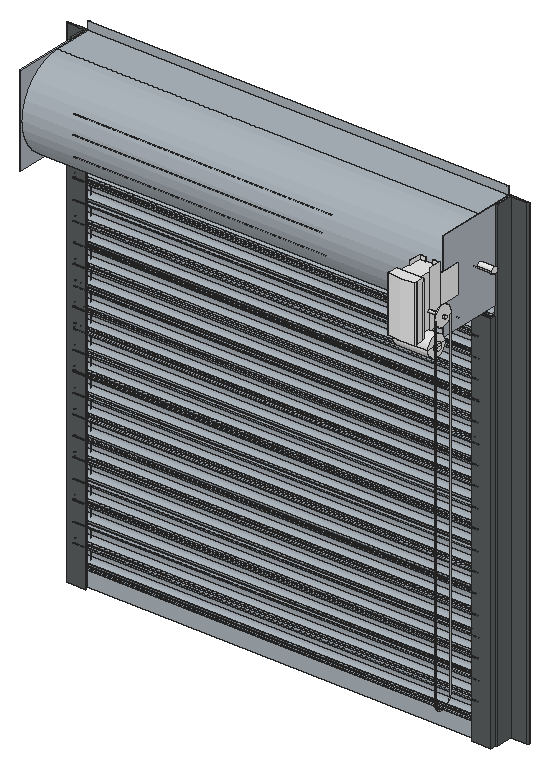
Revit family "Doors_Industrial_Wayne-Dalton_Fire-Rated-Shelter-Door-800FR_", category Specialty Equipment, host Wall, Revit 2019
Family settings
  Host = Wall
  Round Connector Dimension = Use Diameter
  Part Type = Normal
  OmniClass Number = 23.30.10.21.34
  OmniClass Title = Industrial Doors
  Always vertical = Yes
  Cut with Voids When Loaded = Yes
  Shared = No
  Room Calculation Point = No
Parameters (values of type "115 volts, one phase, 60 Hz (110-120V range)")
  Warning Sign [instance] = if(Calculated Area > 683.00 SF, 1 = 1, 1 = 2)  # no
  Warning (Note) [instance] = if(Warning Sign, "The Door Area is out of the limit; please adjust accordingly. The maximum allowed area is 683 sq. ft.", if(Opening Height > 360", "Headroom Clearance Dimensions - out of the limits. Consult Factory", " "))  # " "
  Wall Thickness [instance] = 6"
  Voltage = 115 V
  True Opening Width [instance] = Clear Width  # 120"
  True Opening Height [instance] = Clear Height  # 120"
  Slat Type [instance] = "6” Curved Slat"  # constant formula
  Slat Material [instance] = Steel - Wayne Dalton - Gray
  Slat Length [instance] = Clear Width + G Value * 2 - 1" / 2 * 2  # 131"
  Slat Height [instance] = 17 251/256"  # constant formula
  Slat [instance] = 1  # constant formula
  Product Page URL = "https://www.wayne-dalton.com/commercial/detail/rolling-storm-shelter-doors"
  Power Factor = 1
  Powder Coat (Note) = "Wayne Dalton also offers approximately 200 RAL powder coat options to complement the exterior colors of a building."  # constant formula
  Opening Width Real [instance] = if(Opening Width > Max Opening Width, Max Opening Width, if(Opening Width < Min Opening Width, Min Opening Width, Opening Width))  # 120"
  Opening Width [instance] = 120"
  Opening Height Real [instance] = if(Opening Height > Max Opening Height, Max Opening Height, if(Opening Height < Min Opening Height, Min Opening Height, Opening Height))  # 120"
  Opening Height [instance] = 120"
  One Array element [instance] = not(Array Vis)  # no
  Number of Poles = 1
  Motor Type [instance] = if(Motor Option < 2, "GCL-H Front of Hood", if(Motor Option = 2, "GCL-H Top of Hood", if(Motor Option = 3, "GCL-H Wall Mount", "GCL-H Bench Mount")))  # "GCL-H Front of Hood"
  Motor Selection (Note) [instance] = "Generic operator shown. Contact Wayne Dalton when dimensions are critical."  # constant formula
  Motor Position [instance] = M Value - G Value  # 6"
  Motor Option Real [instance] = if(Motor Option < 1, 1, if(Motor Option > 4, 4, Motor Option))  # 1
  Motor Option [instance] = 1
  Min Opening Width [instance] = 60"  # constant formula
  Min Opening Height [instance] = 60"  # constant formula
  Max Opening Width [instance] = 132"  # constant formula
  Max Opening Height [instance] = 132"  # constant formula
  M Value [instance] = if(Guide Option < 2, 12", 6 1/2")  # 12"
  Lookup BD [instance] = if(True Opening Height = 60", 20", if(or(True Opening Height = 84", True Opening Height < 84"), 22", if(or(True Opening Height = 108", True Opening Height < 108"), 24", if(or(True Opening Height = 132", True Opening Height < 132"), 26", if(or(True Opening Height = 156", True Opening Height < 156"), 28", if(or(True Opening Height = 180", True Opening Height < 180"), 30", 32"))))))  # 26"
  Jambs Offset [instance] = 0"  # constant formula
  Installation Real [instance] = Wall Thickness  # 6"
  Hood Type [instance] = "Round Hood"  # constant formula
  Hood Offset [instance] = 3"  # constant formula
  Hood Material [instance] = Metal - Wayne Dalton - Gray
  Hood Height [instance] = Headroom Height Real - Hood Offset  # 28"
  Lookup HH [instance] = if(True Opening Height = 60", 22", if(or(True Opening Height = 84", True Opening Height < 84"), 24", if(or(True Opening Height = 108", True Opening Height < 108"), 26", if(or(True Opening Height = 132", True Opening Height < 132"), 28", if(or(True Opening Height = 156", True Opening Height < 156"), 30", if(or(True Opening Height = 180", True Opening Height < 180"), 32", 34"))))))  # 28"
  Headroom Height Real [instance] = Lookup HH + 3"  # 31"
  Headroom Height [instance] = Headroom Height Real + 2 5/8"  # 33 5/8"
  Guide Type [instance] = if(Guide Option < 2, "Angled Z Guide", "Angled E Guide")  # "Angled Z Guide"
  Guide Option [instance] = 1
  Guid Depth [instance] = D Value  # 7 3/4"
  G Value [instance] = 6"  # constant formula
  Frequency = 60 Hz
  Face of Wall Offset [instance] = 5"  # constant formula
  Face Of Wall Mounting [instance] = 1 = 1  # yes
  Door Width True [instance] = Clear Width + M Value * 2  # 144"
  Door Width (Real) [instance] = Clear Width + 1" / 2  # 120 1/2"
  Door Height True [instance] = Clear Width + Headroom Height  # 153 5/8"
  Door Height (Real) [instance] = Clear Height + Hood Offset  # 123"
  URL = "https://www.wayne-dalton.com/"
  Product data url = "https://www.bimobject.com/wayne-dalton/product/Rolling-Steel-Storm-Shelter-Doors-800F-800FR-800FE"
  Product Guid = "a04ebdf7-09ea-4b46-b3cc-19d8dcdac487"
  Model = "800FR"  # constant formula
  Manufacturer = "Wayne Dalton"  # constant formula
  Wall Closure = By host
  Floor To (CL) of Shaft [instance] = Clear Height + Hood Height / 2 + Hood Offset  # 137"
  Finish Material = Finish - Wayne Dalton - Black
  Description = "Model 800FR Rolling Steel Storm Shelter Door Tested +/-300PSF (ICC-500/FEMA 361), Tornado +/- 250PSF (ICC-500/FEMA 361), Hurricane+/-200PSF (ICC-500/FEMA 361) Warnock Hersey fire rated to 4 hours UL10B NFPA 252 and CAN/ULC S104"  # constant formula
  D Value [instance] = 7 3/4"  # constant formula
  Clear Width [instance] = Opening Width Real  # 120"
  Clear Height [instance] = Opening Height Real  # 120"
  Current = 20 A
  Connector Array Distance = 0"  # constant formula
  Bar [instance] = 1 = 1  # yes
  Backroom Depth [instance] = Lookup BD  # 26"
  BJ Opening Cut [instance] = 0"  # constant formula
  BJ Displacement Real [instance] = 0"  # constant formula
  Array Vis [instance] = if(Array < 2, 1 = 2, 1 = 1)  # yes
  Array Real [instance] = if(Array < 2, 2, Array)  # 7
  Array Length [instance] = (Array) * Slat Height  # 125 221/256"
  Array [instance] = rounddown(([Door Height (Real)] - 5 11/256") / Slat Height) + 1  # 7
  Calculated Area [instance] = [Door Width (Real)] * [Door Height (Real)]  # 102.927 SF
  Apparent Load Phase 3 = if(Number of Poles = 1, 0 VA, (Voltage * Current * sqrt(3)) / 3)  # 0 VA
  Apparent Load Phase 2 = if(Number of Poles = 1, 0 VA, (Voltage * Current * sqrt(3)) / 3)  # 0 VA
  Apparent Load Phase 1 = if(Number of Poles = 1, Voltage * Current, (Voltage * Current * sqrt(3)) / 3)  # 2300 VA
Reference planes (in)
  plane 1 "Center (Front/Back)": y = -14.625
  plane 2 "Center (Left/Right)": x = 0
  plane 3 "Left": x = -60
  plane 4 "Right": x = 60
  plane 5 "Exterior": y = -8.625
  plane 6 "Interior": y = -14.625
  plane 7: x = 72
  plane 8: x = -72
  plane 9: z = 120
  plane 10 "Main": y = -21.73437
  plane 11 "Backroom Depth": y = -32.125
  plane 12 "Main Door Block": y = -6.125
  plane 13 "Bottom Bar": z = 5.04124
  plane 14: y = -22.375
  plane 15: z = 130.90452
  plane 16: z = 151
  plane 17: z = 123
  plane 18: z = 153.625
  plane 19: z = 0
  plane 20: z = 60
  plane 21: y = -20.90625
  plane 22: y = 18.375
  plane 23: y = -41.625
  plane 24 "Headroom Top": z = 153.625
  plane 25: z = 137
  plane 26: x = 66
  plane 27: x = -66
  plane 28: z = 112.92405
Forms (in)
  Extrusion 1, void
    sketch origin (0, -6.125, 0) x (0, 0, -1) y (-1, 0, 0)
      loop
        line (-120, 60) -> (-120, -60) -> (0, -60) -> (0, 60) -> (-120, 60)
    from -8.5 to -2.5
  Extrusion 2, solid, material "Metal - Wayne Dalton - Gray" <- "Hood Material", visible <- "Bar"
    sketch origin (0, 0, 0) x (0, 1, 0) y (0, 0, 1)
      loop
        line (-14.875, 151) -> (-14.625, 151) -> (-14.625, 153.625) -> (-14.875, 153.625) -> (-14.875, 151)
    from -65.625 to 65.625
Lines and regions (in)
  symbolic lines, visible <- "Bar"
    curve 1: line (65.625, -14.625, 0) -> (-65.625, -14.625, 0)
    curve 2: line (-65.625, -14.875, 0) -> (65.625, -14.875, 0)
Text (in)
  text "Exterior" at (-74.96733, 27.31104, 0), in view "Ref. Level"
  text "Interior" at (-74.96733, -25.14366, 0), in view "Ref. Level"
  text "Exterior" at (0, 40.15149, 123.01588), in view "Right"
  text "Interior" at (0, -64.39139, 123.01588), in view "Right"
  text "Interior" at (0, -31.01599, 123.00693), in view "Left"
  text "Exterior" at (0, 54.57065, 123.00693), in view "Left"
Dimensions and locks (in)
  equal spacing: plane 3 "Left", plane 2 "Center (Left/Right)", plane 4 "Right"
  "Clear Width": plane 3 "Left" to plane 4 "Right"
  level to host wall = 459.59655"
  "Clear Height": level to plane 9
  plane 7 to plane 8 = 144"
  equal spacing: plane 7, plane 2 "Center (Left/Right)", plane 8
  locked: plane 13 "Bottom Bar" to level at 5.04124
  "Door Width True": plane 7 to plane 8
  locked: plane 14 to plane 10 "Main" at 0.64063
  "Array Length": plane 15 to plane 13 "Bottom Bar"
  "Backroom Depth": plane 11 "Backroom Depth" to plane 12 "Main Door Block"
  "Hood Height": plane 16 to plane 17
  locked: plane 18 to plane 16 at 2.625
  locked: Extrusion 2 sketch curve to Extrusion 2 sketch curve at 0.25
  "Installation Real": plane 1 "Center (Front/Back)" to plane 5 "Exterior"
  "Wall Thickness": host wall to host wall
  equal spacing: plane 9, plane 20, plane 19
  locked: plane 10 "Main" to plane 21 at 0.82812
  equal spacing: plane 22, host wall, plane 23
  locked: plane 22 to plane 23 at 60
  "BJ Opening Cut": Extrusion 1 sketch curve to plane 9
  locked: Extrusion 2 sketch curve to Extrusion 2 sketch curve at 2.625
  "Hood Offset": plane 17 to plane 9
  "Headroom Height": plane 24 "Headroom Top" to plane 9
  "Floor To (CL) of Shaft": plane 25 to level
  "Jambs Offset": plane 4 "Right" to Extrusion 1 sketch curve
  "Jambs Offset": Extrusion 1 sketch curve to plane 3 "Left"
  "Motor Position": plane 7 to plane 26
  "Motor Position": plane 27 to plane 8
  locked: plane 27 to Extrusion 2 at 0.375
  locked: Extrusion 2 to plane 26 at 0.375
  "Guid Depth": plane 14 to plane 1 "Center (Front/Back)"
  "Slat Height": plane 15 to plane 28
  equal spacing: group 1, group 3, group 4, group 5, group 6, group 7, group 2  (x3)
  aligned and locked: plane 5 "Exterior" to host wall
  aligned and locked: host wall to plane 6 "Interior"
  aligned and locked: level to Extrusion 1 sketch curve
  aligned and locked: Extrusion 1 to plane 5 "Exterior"
  aligned and locked: plane 6 "Interior" to Extrusion 1
  aligned and locked: nested 1 to plane 2 "Center (Left/Right)"
  aligned and locked: plane 16 to nested 2
  aligned and locked: nested 1 to level
  aligned and locked: Extrusion 2 sketch curve to plane 18
  aligned and locked: Extrusion 2 sketch curve to plane 6 "Interior"
  aligned and locked: curve 1 to Extrusion 2  (x2)
  aligned and locked: curve 2 to Extrusion 2  (x2)
  aligned and locked: Extrusion 2 to curve 2
  aligned and locked: nested 2 to plane 5 "Exterior"
  aligned and locked: level to plane 19
  aligned and locked: nested 1 to plane 1 "Center (Front/Back)"
  aligned and locked: plane 2 "Center (Left/Right)" to nested 3
  aligned and locked: nested 3 to plane 22
  aligned and locked: plane 23 to nested 4
  aligned and locked: nested 4 to plane 2 "Center (Left/Right)"
  aligned and locked: nested 5 to plane 20
  aligned and locked: plane 2 "Center (Left/Right)" to nested 5
  aligned and locked: nested 2 to plane 26
  aligned and locked: plane 13 "Bottom Bar" to nested 6
  aligned and locked: plane 28 to nested 8
  aligned and locked: nested 8 to plane 21
  aligned and locked: plane 21 to nested 6
  aligned and locked: plane 13 "Bottom Bar" to nested 7
  aligned and locked: plane 21 to nested 7
  aligned and locked: nested 5 to plane 21
Automatic sketch dimensions
  curve 1 to curve 2 = 0"
Nested families (in)
  nested 1: "Lifts" at (0, -14.625, 0), type "Frame Unit"
    with Round Hood yes
  nested 2: "Motor" at (63.5005, -48.245, 125), type "Trolley Motor"
    with Top + Bench no, Not Bench + Top yes, Horizontal Mount 7.62", Vertical Mount 26", Motor Option 1, Hood Mount 4 3/4", Top Option Offset 0", Face+Top yes, Face Mount RSX yes, Chain V Offset 8.4", Chain H Offset 1.1", Bench Mount RSX no, Angle 180.00°
  nested 3: "Label Annotation 1" at (0, 18.375, 0), visible <- "Warning Sign", type "Label Annotation 1"
  nested 4: "Label Annotation 1" at (0, -41.625, 0) x (-1, 0, 0) z (0, 0, 1), visible <- "Warning Sign", type "Label Annotation 1"
  nested 5: "Warning Sign" at (0, -20.90625, 60), visible <- "Warning Sign", type "Warning Sign"
    with Warning Sign no
  nested 6: "610F" at (0, -20.90625, 5.04124), Opening Width <- "Slat Length", visible <- "Array Vis", type "Standard - Gray"
    with Slat Width 1.438", Slat Position 17.979", Opening Width 131"
  nested 7: "610F" at (0, -20.90625, 5.04124), visible <- "One Array element", Opening Width <- "Slat Length", type "Standard - Gray"
    with Slat Width 1.438", Slat Position 17.979", Opening Width 131"
  nested 8: "610F" at (0, -20.90625, 112.92405), Opening Width <- "Slat Length", visible <- "Array Vis", type "Standard - Gray"
    with Slat Width 1.438", Slat Position 17.979", Opening Width 131"
  nested 9: "610F" at (0, -20.90625, 23.02171), Opening Width <- "Slat Length", visible <- "Array Vis", type "Standard - Gray"
    with Slat Width 1.438", Slat Position 17.979", Opening Width 131"
  nested 10: "610F" at (0, -20.90625, 41.00218), Opening Width <- "Slat Length", visible <- "Array Vis", type "Standard - Gray"
    with Slat Width 1.438", Slat Position 17.979", Opening Width 131"
  nested 11: "610F" at (0, -20.90625, 58.98265), Opening Width <- "Slat Length", visible <- "Array Vis", type "Standard - Gray"
    with Slat Width 1.438", Slat Position 17.979", Opening Width 131"
  nested 12: "610F" at (0, -20.90625, 76.96311), Opening Width <- "Slat Length", visible <- "Array Vis", type "Standard - Gray"
    with Slat Width 1.438", Slat Position 17.979", Opening Width 131"
  nested 13: "610F" at (0, -20.90625, 94.94358), Opening Width <- "Slat Length", visible <- "Array Vis", type "Standard - Gray"
    with Slat Width 1.438", Slat Position 17.979", Opening Width 131"
Connectors (in)
  electrical at (66.4885, -46.74464, 135.37875), driven by "Apparent Load Phase 1", driven by "Power Factor", driven by "Voltage", driven by "Apparent Load Phase 2", driven by "Apparent Load Phase 3", driven by "Number of Poles"
    settings: on nested 2, index 1, voltage 115 V, apparent load 0 VA, apparent load phase1 2300 VA, apparent load phase2 0 VA, apparent load phase3 0 VA, power factor 1, load classification "Other", number of poles 1, system type 31, power factor state 1, is connector primary yes, connector utility no, sub classification motor no, connector description "Electrical Connector"
Definition of nested family "Lifts"
  Parameters (values of type "Frame Unit")
    Void Height = if(Guide Option < 2, 0", Headroom Height Real)  # 0"
    True Width = Opening Width + 1/2"  # 120 1/2"
    Rounding 2 = Guide Thickness 2 - 0.031"  # 0.469"
    Rounding 1 = Guide Thickness 1 - 0.031"  # 0.344"
    Round Hood [instance] = 1 = 1  # yes
    Rough Width = 0"
    Rough Height = 0"
    Main Bracket Profile Height = 5" + 1 3/4"  # 6 3/4"
    M Value = 12"
    Inner Profile Height = 4"  # constant formula
    Hood Offset = 3"
    Hood Height = Headroom Height Real - Hood Offset  # 28"
    Headroom Height Real = Headroom Height  # 31"
    Half Hood Height = Headroom Height - Hood Offset  # 28"
    Guide Thickness 2 = 1/2"  # constant formula
    Guide Thickness 1 = 3/8"  # constant formula
    G Value = 6"
    E Guide Width = if(Guide Option < 2, 6", 6")  # 6"
    E Guide Height = 6"  # constant formula
    Z Guide = if(Guide Option < 2, 1 = 1, 1 = 2)  # yes
    Slat Material = none
    Shaft Offset = (Header Width - (Header Width - Hood Height)) / 2  # 14"
    Shaft Material = none
    Shaft Length 2 = G Value + 4 3/4"  # 10 3/4"
    Shaft Length 1 = G Value + 4 3/4"  # 10 3/4"
    Setback = 1/4"  # constant formula
    Radius Hood = Shaft Offset  # 14"
    Opening Width = 120"
    Hood Material = none
    Headroom Height = 31"
    Header Width = 26"
    Opening Height = 120"
    Guide Type = if(Guide Option = 1, "Angled Z Guide", "Angled E Guide")  # "Angled Z Guide"
    Guide Option = 1
    Guide Offset = BJ Displacement + G Value  # 6"
    Guide Z Wide = if(Guide Option < 2, M Value - G Value, 6")  # 6"
    Guide Z Height = 6"  # constant formula
    Floor To (CL) of Shaft = 137"
    Finish Material = none
    Face to Wall Mount = not(Between Jambs)  # yes
    E Guide = not(Z Guide)  # no
    D Value = 7 3/4"
    Between Jambs = 1 = 2  # no
    BJ Position = 0"  # constant formula
    BJ Displacement = if(Guide Option < 2, 0", Guide Thickness 2)  # 0"
    BJ Connection Length = 1 / 3 * BJ Displacement  # 0"
    Angled Guide = 1 = 1  # yes
  Reference planes (in)
    plane 1 "Center (Front/Back)": y = 0
    plane 2: z = 0
    plane 3 "Center (Left/Right)": x = 0
    plane 4 "Opening Height": z = 120
    plane 5: x = -70.75
    plane 6: x = 70.75
    plane 7: z = 151
    plane 8: y = 26
    plane 9 "Real Opening 2": x = -60
    plane 10 "Real Opening 1": x = 60
    plane 11: z = 123
    plane 12 "Main": y = 0
    plane 13: z = 137
    plane 14: y = 12
    plane 15: x = 66
    plane 16: x = -66
    plane 17: x = -66
    plane 18: x = 66
    plane 19: y = 7.75
    plane 20: x = -65.625
    plane 21: x = 65.625
    plane 22: z = 153.625
    plane 23: y = 7.75
    plane 24: y = 5.75
    plane 25: y = 7.75
    plane 26: y = 5.75
  Forms (in)
    Extrusion 1, solid, material <- "Slat Material"
      sketch origin (0, 0, 0) x (0, 1, 0) y (0, 0, 1)
        loop
          line (6.25, 4.72874) -> (6.25, 5.35374) -> (5.25, 5.35374) -> (5.25, 4.72874) -> (6.25, 4.72874)
      from -65.625 to 65.625
    Extrusion 2, solid, material <- "Slat Material"
      sketch origin (0, 0, 0) x (0, 1, 0) y (0, 0, 1)
        loop
          line (6.25, 4.72874) -> (5.25, 4.72874) -> (5.25, 0) -> (6.25, 0) -> (6.25, 4.72874)
      from -65.625 to 65.625
    Extrusion 3, solid, material <- "Shaft Material"
      sketch origin (0, -5.35201, 0) x (0, 1, 0) y (0, 0, 1)
        loop
          circle (17.35201, 137) r 1
      from -70.75 to 70.75
    Extrusion 4, solid, material <- "Hood Material", visible <- "Round Hood"
      sketch origin (0, 0, 0) x (0, 1, 0) y (0, 0, 1)
        loop
          line (0, 151) -> (0, 123) -> (12, 123)
          arc (12, 123) -> (26, 137) -> (12, 151) r 14
          line (12, 151) -> (0, 151)
      from -65.625 to 65.625
    Extrusion 5, solid, material <- "Finish Material", visible <- "E Guide"
      sketch origin (0, 0, 0) x (1, 0, 0) y (0, 1, 0)
        loop
          line (60, 0) -> (66, 0) -> (66, 6) -> (65.969, 6)
          arc (65.969, 6) -> (65.63737, 5.86263) -> (65.5, 5.531) r 0.469
          line (65.5, 5.531) -> (65.5, 0.5) -> (60.469, 0.5)
          arc (60.469, 0.5) -> (60.13737, 0.36263) -> (60, 0.031) r 0.469
          line (60, 0.031) -> (60, 0)
        loop
          line (-60, 0) -> (-60, 0.031)
          arc (-60, 0.031) -> (-60.13737, 0.36263) -> (-60.469, 0.5) r 0.469
          line (-60.469, 0.5) -> (-65.5, 0.5) -> (-65.5, 5.531)
          arc (-65.5, 5.531) -> (-65.63737, 5.86263) -> (-65.969, 6) r 0.469
          line (-65.969, 6) -> (-66, 6) -> (-66, 0) -> (-60, 0)
      from 0 to 151
    Extrusion 6, solid, material <- "Finish Material", visible <- "Z Guide"
      sketch origin (0, 0, 0) x (1, 0, 0) y (0, 1, 0)
        loop
          line (72, 0) -> (72, 0.031)
          arc (72, 0.031) -> (71.86263, 0.36263) -> (71.531, 0.5) r 0.469
          line (71.531, 0.5) -> (66.5, 0.5) -> (66.5, 5.531)
          arc (66.5, 5.531) -> (66.36263, 5.86263) -> (66.031, 6) r 0.469
          line (66.031, 6) -> (66, 6) -> (66, 0) -> (72, 0)
        loop
          line (-72, 0) -> (-66, 0) -> (-66, 6) -> (-66.031, 6)
          arc (-66.031, 6) -> (-66.36263, 5.86263) -> (-66.5, 5.531) r 0.469
          line (-66.5, 5.531) -> (-66.5, 0.5) -> (-71.531, 0.5)
          arc (-71.531, 0.5) -> (-71.86263, 0.36263) -> (-72, 0.031) r 0.469
          line (-72, 0.031) -> (-72, 0)
      from 0 to 151
    Extrusion 7, solid, material <- "Finish Material", visible <- "Angled Guide"
      sketch origin (0, 0, 0) x (1, 0, 0) y (0, 1, 0)
        loop
          line (60.25, 7.75) -> (60.25, 7.719)
          arc (60.25, 7.719) -> (60.35076, 7.47576) -> (60.594, 7.375) r 0.344
          line (60.594, 7.375) -> (60.75, 7.375) -> (60.75, 6.625) -> (62.25, 6.625) -> (62.25, 7.375) -> (65.625, 7.375) -> (65.625, 4.125) -> (62.75, 4.125) -> (62.75, 4.875) -> (60.75, 4.875) -> (60.75, 4.094)
          arc (60.75, 4.094) -> (60.85076, 3.85076) -> (61.094, 3.75) r 0.344
          line (61.094, 3.75) -> (65.25, 3.75) -> (65.25, 1) -> (66, 1) -> (66, 7.75) -> (60.25, 7.75)
        loop
          line (-60.25, 7.75) -> (-66, 7.75) -> (-66, 1) -> (-65.25, 1) -> (-65.25, 3.75) -> (-61.094, 3.75)
          arc (-61.094, 3.75) -> (-60.85076, 3.85076) -> (-60.75, 4.094) r 0.344
          line (-60.75, 4.094) -> (-60.75, 4.875) -> (-62.75, 4.875) -> (-62.75, 4.125) -> (-65.625, 4.125) -> (-65.625, 7.375) -> (-62.25, 7.375) -> (-62.25, 6.625) -> (-60.75, 6.625) -> (-60.75, 7.375) -> (-60.594, 7.375)
          arc (-60.594, 7.375) -> (-60.35076, 7.47576) -> (-60.25, 7.719) r 0.344
          line (-60.25, 7.719) -> (-60.25, 7.75)
      from 0 to 120
    Extrusion 8, solid, material <- "Hood Material"
      sketch origin (0, 0, 0) x (-1, 0, 0) y (0, 0, 1)
        loop
          line (65.625, 123) -> (66, 123) -> (66, 151) -> (65.625, 151) -> (65.625, 123)
        loop
          line (-66, 123) -> (-65.625, 123) -> (-65.625, 151) -> (-66, 151) -> (-66, 123)
      from 0 to 26
    Extrusion 9, void
      sketch origin (0, -63.05955, 151) x (1, 0, 0) y (0, -1, 0)
        loop
          line (-66, -63.05955) -> (-66, -63.55955) -> (-60.469, -63.55955)
          arc (-60.469, -63.55955) -> (-60.13737, -63.42218) -> (-60, -63.09055) r 0.469
          line (-60, -63.09055) -> (-60, -63.05955) -> (-66, -63.05955)
        loop
          line (66, -63.05955) -> (60, -63.05955) -> (60, -63.09055)
          arc (60, -63.09055) -> (60.13737, -63.42218) -> (60.469, -63.55955) r 0.469
          line (60.469, -63.55955) -> (66, -63.55955) -> (66, -63.05955)
      from 0 <- "Void Height" to -2.625
  Cuts and joins
    Extrusion 9 cuts Extrusion 4
    Extrusion 9 cuts Extrusion 8
  Lines and regions (in)
    Masking region 1
      outline origin (0, 0, 0) x (1, 0, 0) y (0, 1, 0)
        loop
          line (70.75, 13) -> (66, 13) -> (66, 11) -> (70.75, 11) -> (70.75, 13)
        loop
          line (-70.75, 11) -> (-66, 11) -> (-66, 13) -> (-70.75, 13) -> (-70.75, 11)
    Masking region 2
      outline origin (0, 0, 0) x (1, 0, 0) y (0, 1, 0)
        loop
          line (-66, 26) -> (-66, 0) -> (66, 0) -> (66, 26) -> (-66, 26)
    Masking region 3, visible <- "Z Guide"
      outline origin (0, 0, 0) x (1, 0, 0) y (0, 1, 0)
        loop
          line (71.531, 0.5) -> (66.5, 0.5) -> (66.5, 5.531)
          arc (66.5, 5.531) -> (66.36263, 5.86263) -> (66.031, 6) r 0.469
          line (66.031, 6) -> (66, 6) -> (66, 0) -> (72, 0) -> (72, 0.031)
          arc (72, 0.031) -> (71.86263, 0.36263) -> (71.531, 0.5) r 0.469
        loop
          line (-66.5, 0.5) -> (-71.531, 0.5)
          arc (-71.531, 0.5) -> (-71.86263, 0.36263) -> (-72, 0.031) r 0.469
          line (-72, 0.031) -> (-72, 0) -> (-66, 0) -> (-66, 6) -> (-66.031, 6)
          arc (-66.031, 6) -> (-66.36263, 5.86263) -> (-66.5, 5.531) r 0.469
          line (-66.5, 5.531) -> (-66.5, 0.5)
    Masking region 4, visible <- "E Guide"
      outline origin (0, 0, 0) x (1, 0, 0) y (0, 1, 0)
        loop
          line (-66, 6) -> (-66, 0) -> (-60, 0) -> (-60, 0.031)
          arc (-60, 0.031) -> (-60.13737, 0.36263) -> (-60.469, 0.5) r 0.469
          line (-60.469, 0.5) -> (-65.5, 0.5) -> (-65.5, 5.531)
          arc (-65.5, 5.531) -> (-65.63737, 5.86263) -> (-65.969, 6) r 0.469
          line (-65.969, 6) -> (-66, 6)
        loop
          line (66, 0) -> (66, 6) -> (65.969, 6)
          arc (65.969, 6) -> (65.63737, 5.86263) -> (65.5, 5.531) r 0.469
          line (65.5, 5.531) -> (65.5, 0.5) -> (60.469, 0.5)
          arc (60.469, 0.5) -> (60.13737, 0.36263) -> (60, 0.031) r 0.469
          line (60, 0.031) -> (60, 0) -> (66, 0)
    symbolic lines
      curve 1: line (-65.625, 0, 0) -> (-65.625, 26, 0)
      curve 2: line (65.625, 26, 0) -> (65.625, 0, 0)
  Dimensions and locks (in)
    locked: Extrusion 1 sketch curve to level at 4.72874
    locked: Extrusion 1 sketch curve to Extrusion 1 sketch curve at 1
    Extrusion 2 sketch curve to level = 4.72874"
    "Headroom Height Real": plane 7 to plane 4 "Opening Height"
    plane 8 to plane 1 "Center (Front/Back)" = 26"
    "Radius Hood": Extrusion 4 sketch curve to plane 8
    "Opening Height": plane 4 "Opening Height" to level
    "Hood Offset": plane 11 to plane 4 "Opening Height"
    "BJ Position": plane 12 "Main" to plane 1 "Center (Front/Back)"
    "Header Width": plane 12 "Main" to plane 8
    "Floor To (CL) of Shaft": plane 13 to level
    "Shaft Offset": Extrusion 3 sketch curve to plane 8
    locked: Extrusion 2 sketch curve to Extrusion 2 sketch curve at 1
    "Shaft Offset": plane 8 to plane 14
    locked: Masking region 1 sketch curve to Masking region 1 sketch curve at 2
    locked: Masking region 1 sketch curve to plane 14 at 1
    "Guide Offset": plane 10 "Real Opening 1" to plane 15
    "Guide Offset": plane 16 to plane 9 "Real Opening 2"
    "Guide Thickness 2": Extrusion 5 sketch curve to Extrusion 5 sketch curve  (x4)
    "E Guide Height": Extrusion 5 sketch curve to Extrusion 5 sketch curve  (x2)
    "E Guide Width": Extrusion 5 sketch curve to Extrusion 5 sketch curve  (x2)
    "Guide Thickness 2": Extrusion 6 sketch curve to Extrusion 6 sketch curve  (x4)
    "Guide Z Wide": Extrusion 6 sketch curve to Extrusion 6 sketch curve  (x2)
    "Guide Z Height": Extrusion 6 sketch curve to Extrusion 6 sketch curve  (x2)
    "Guide Thickness 1": Extrusion 7 sketch curve to Extrusion 7 sketch curve  (x8)
    "Inner Profile Height": Extrusion 7 sketch curve to Extrusion 7 sketch curve  (x2)
    "Main Bracket Profile Height": Extrusion 7 sketch curve to Extrusion 7 sketch curve  (x2)
    "Setback": plane 10 "Real Opening 1" to Extrusion 7 sketch curve
    "Setback": Extrusion 7 sketch curve to plane 9 "Real Opening 2"
    equal spacing: plane 16, plane 3 "Center (Left/Right)", plane 15
    "G Value": Extrusion 6 sketch curve to plane 9 "Real Opening 2"
    "G Value": plane 10 "Real Opening 1" to Extrusion 6 sketch curve
    "G Value": plane 10 "Real Opening 1" to plane 18
    "G Value": plane 17 to plane 9 "Real Opening 2"
    "Shaft Length 1": plane 5 to plane 9 "Real Opening 2"
    "Shaft Length 2": plane 6 to plane 10 "Real Opening 1"
    Extrusion 2 to plane 18 = 3/8"
    Extrusion 2 to plane 17 = 3/8"
    plane 17 to plane 20 = 3/8"
    locked: plane 21 to plane 18 at 0.375
    equal spacing: plane 9 "Real Opening 2", plane 3 "Center (Left/Right)", plane 10 "Real Opening 1"
    "Opening Width": plane 9 "Real Opening 2" to plane 10 "Real Opening 1"
    locked: plane 22 to plane 7 at 2.625
    "D Value": plane 1 "Center (Front/Back)" to plane 19
    "D Value": plane 23 to plane 1 "Center (Front/Back)"
    plane 23 to plane 24 = 2"
    equal spacing: Extrusion 1 sketch curve, plane 24, Extrusion 1 sketch curve
    "D Value": plane 25 to plane 1 "Center (Front/Back)"
    locked: plane 25 to plane 26 at 2
    equal spacing: Extrusion 2 sketch curve, plane 26, Extrusion 2 sketch curve
    "G Value": plane 10 "Real Opening 1" to Extrusion 7 sketch curve
    "G Value": Extrusion 7 sketch curve to plane 9 "Real Opening 2"
    "Guide Thickness 2": Extrusion 7 sketch curve to Extrusion 7 sketch curve  (x4)
    locked: Extrusion 7 sketch curve to Extrusion 7 sketch curve at 1.5  (x2)
    locked: Extrusion 7 sketch curve to Extrusion 7 sketch curve at 0.75  (x2)
    locked: Extrusion 1 sketch curve to Extrusion 1 sketch curve at 0.625
    "E Guide Width": Extrusion 9 sketch curve to Extrusion 9 sketch curve  (x2)
    "Guide Thickness 2": Extrusion 9 sketch curve to Extrusion 9 sketch curve  (x2)
    "Rounding 2": radius of Extrusion 5 sketch curve  (x4)
    "Rounding 2": radius of Extrusion 6 sketch curve  (x4)
    "Rounding 1": radius of Extrusion 7 sketch curve  (x4)
    "Rounding 2": radius of Extrusion 9 sketch curve  (x2)
    aligned and locked: plane 2 to level
    aligned and locked: plane 5 to Extrusion 3
    aligned and locked: Extrusion 3 to plane 6
    aligned and locked: Extrusion 4 sketch curve to plane 7
    aligned and locked: plane 13 to Extrusion 3 sketch curve
    aligned and locked: plane 5 to Masking region 1 sketch curve
    aligned and locked: plane 6 to Masking region 1 sketch curve
    aligned and locked: Masking region 1 sketch curve to Masking region 1 sketch curve  (x2)
    aligned and locked: plane 12 "Main" to Extrusion 5 sketch curve  (x2)
    aligned and locked: Extrusion 5 sketch curve to plane 15
    aligned and locked: plane 16 to Extrusion 5 sketch curve
    aligned and locked: Extrusion 6 sketch curve to plane 1 "Center (Front/Back)"  (x2)
    aligned and locked: plane 19 to Extrusion 7 sketch curve
    aligned and locked: Extrusion 7 sketch curve to plane 19
    aligned and locked: plane 4 "Opening Height" to Extrusion 7
    aligned and locked: Extrusion 4 sketch curve to plane 12 "Main"
    aligned and locked: Extrusion 8 sketch curve to plane 11
    aligned and locked: Extrusion 8 sketch curve to plane 7
    aligned and locked: plane 17 to Extrusion 8 sketch curve
    aligned and locked: Extrusion 8 sketch curve to plane 18
    aligned and locked: plane 7 to Extrusion 8 sketch curve
    aligned and locked: plane 11 to Extrusion 8 sketch curve
    aligned and locked: Masking region 2 to curve 2  (x2)
    aligned and locked: Masking region 2 to curve 1  (x2)
    aligned and locked: Masking region 3 sketch curve to Extrusion 6  (x10)
    aligned and locked: Extrusion 6 to Masking region 3 sketch curve
    aligned and locked: Masking region 4 sketch curve to Extrusion 5  (x10)
    aligned and locked: Extrusion 8 to curve 1
    aligned and locked: Extrusion 8 to curve 2
    aligned and locked: Masking region 2 to plane 17
    aligned and locked: Masking region 2 to plane 18
    aligned and locked: plane 18 to Masking region 1 sketch curve
    aligned and locked: Masking region 1 sketch curve to plane 17
    aligned and locked: plane 20 to Extrusion 8 sketch curve
    aligned and locked: plane 21 to Extrusion 8 sketch curve
    aligned and locked: Extrusion 4 to plane 20
    aligned and locked: Extrusion 4 to plane 21
    aligned and locked: plane 8 to Extrusion 8
    aligned and locked: Extrusion 6 to plane 7
    aligned and locked: Extrusion 5 to plane 7
    aligned and locked: Extrusion 4 sketch curve to plane 11
    aligned and locked: Extrusion 7 sketch curve to Extrusion 7 sketch curve  (x6)
    aligned and locked: plane 16 to Extrusion 9 sketch curve
    aligned and locked: Extrusion 9 sketch curve to plane 12 "Main"  (x2)
    aligned and locked: Extrusion 9 sketch curve to plane 15
    aligned and locked: Extrusion 9 to plane 22
    aligned and locked: plane 20 to Extrusion 1
    aligned and locked: plane 20 to Extrusion 2
    aligned and locked: Extrusion 2 to plane 21
    aligned and locked: Extrusion 1 to plane 21
  Automatic sketch dimensions
    Masking region 2 sketch curve to plane 1 "Center (Front/Back)" = 0"
    Masking region 2 sketch curve to plane 17 = 0"
    Masking region 2 sketch curve to plane 18 = 0"
    Masking region 2 sketch curve to plane 8 = 0"
    Extrusion 2 sketch curve to level = 0"
    radius of Extrusion 3 sketch curve = 1"
Definition of nested family "Motor"
  Parameters (values of type "Trolley Motor")
    Wall Mount RSX = if(Chain Hoist, 1 = 2, if(Motor Option = 3, 1 = 1, 1 = 2))  # no
    Top Mount RSX = if(Chain Hoist, 1 = 2, if(Motor Option = 2, 1 = 1, 1 = 2))  # no
    Top + Bench = if(Chain Hoist, 1 = 2, if(or(Top Mount RSX, Bench Mount RSX), 1 = 1, 1 = 2))  # yes
    Shaft Material = none
    Real Exterior Wall Offset = if(Wall Mount RSX, Displacement, Exterior Wall Offset + if(and(BJ, Bench Mount RSX, Hood Width < 19 1/2"), 2.6", 0"))  # 6"
    Not Fire King = if(Chain Hoist, 1 = 2, not(Chain Hoist))  # yes
    Not Chain Hoist = not(Chain Hoist)  # yes
    Not Bench + Top = not(or(Top Mount RSX, Chain Hoist, Bench Mount RSX))  # no
    Horizontal Mount = if(Face Mount RSX, 7.62", if(Top Mount RSX, 11.69", if(Wall Mount RSX, 5.24", if(Bench Mount RSX, 9.39", 0"))))  # 9.39"
    Vertical Mount = if(Face Mount RSX, 12" + Hood Height / 2, if(Top Mount RSX, Top Option Offset - 7.62", if(Wall Mount RSX, 20.03" + 6" + Hood Height / 2, if(Bench Mount RSX, Top Option Offset - 0.24" + Hood Height - Hood Height / 2 + 4", Hood Height))))  # 37.76"
    Motor Type = if(Motor Option < 2, "RSX FDO Face Mount", if(Motor Option = 2, "RSX FDO Top Mount", if(Motor Option = 3, "RSX Wall Mount", if(Motor Option = 4, "RSX Bench Mount", "Chain Hoist"))))  # "RSX Bench Mount"
    Motor Option = 4
    Main Material = none
    Hood Width Real = if(Wall Mount RSX, 0", if(Chain Hoist, if(Hood Height < Hood Width, (Hood Width + (Hood Width - Hood Height)) / 2, Hood Width / 2), Hood Width))  # 26"
    Hood Width = 26"
    Hood Height = 28"
    Hood Mount = if(or(Face Mount RSX, Top Mount RSX), 4 3/4", if(Wall Mount RSX, 19 1/4" - 1 1/4", if(Bench Mount RSX, 14.49" + 2.88", 4.26")))  # 17.37"
    Floor To Cl Shaft = 137"
    Top Option Offset = if(or(Top Mount RSX, Bench Mount RSX), 20", 0")  # 20"
    Fire King RHX = 1 = 2  # no
    Face+Top = if(Chain Hoist, 1 = 2, if(or(Face Mount RSX, Top Mount RSX), 1 = 1, 1 = 2))  # no
    Face Mount RSX = if(Chain Hoist, 1 = 2, if(Motor Option < 2, 1 = 1, 1 = 2))  # no
    Face + Top + Bench = if(Chain Hoist, 1 = 2, if(or(Face Mount RSX, Top Mount RSX, Bench Mount RSX), 1 = 1, 1 = 2))  # yes
    Exterior Wall Offset = 6"
    Displacement = 6"
    Default Elevation = 48"
    Chain V Offset = if(or(Face Mount RSX, Wall Mount RSX), 8.4", if(or(Top Mount RSX, Bench Mount RSX), 18.9", Hood Height / 2))  # 18.9"
    Chain H Offset = if(or(Face Mount RSX, Wall Mount RSX), 1.1", if(or(Top Mount RSX, Bench Mount RSX), 8.4", 0"))  # 8.4"
    Chain Hoist = no
    Bench Mount RSX = if(Chain Hoist, 1 = 2, if(Motor Option > 3, 1 = 1, 1 = 2))  # yes
    BJ Displacement = 0"
    BJ = no
    Angle = if(or(Bench Mount RSX, Top Mount RSX), 90.00°, 180.00°)  # 90.00°
  Reference planes (in)
    plane 1 "Center (Front/Back)": y = 0
    plane 2: z = 0
    plane 3 "Center (Left/Right)": x = 0
    plane 4: y = 0
    plane 5: y = 8.4
    plane 6: z = -138.1
    plane 7: z = -108.1
    plane 8: z = -1.1
    plane 9 "Chain Hoist": z = -1.1
    plane 10 "Top Of Hood": z = 17.76
    plane 11: y = 9.39
    plane 12: z = -20
    plane 13 "Hood Face": x = -10.1205
    plane 14: x = 7.2495
    plane 15: y = 35.39
    plane 16 "Wall": y = 41.39
  Forms (in)
    Extrusion 1, solid, material <- "Main Material", visible <- "Not Chain Hoist"
      sketch origin (0, 18.8898, 0) x (1, 0, 0) y (0, 0, -1)
        loop
          line (-4.134, -2.35889) -> (4.116, -2.35889) -> (4.116, -2.23929) -> (3.108, -2.23929)
          arc (3.108, -2.23929) -> (3.02315, -2.20414) -> (2.988, -2.11929) r 0.12
          line (2.988, -2.11929) -> (2.988, 5.12) -> (-2.988, 5.12) -> (-2.988, -2.11929)
          arc (-2.988, -2.11929) -> (-3.02315, -2.20414) -> (-3.108, -2.23929) r 0.12
          line (-3.108, -2.23929) -> (-4.134, -2.23929) -> (-4.134, -2.35889)
      from -17.0123 to -0.0098
    Extrusion 2, solid, material <- "Main Material", visible <- "Not Chain Hoist"
      sketch origin (0, 18.8898, 0) x (1, 0, 0) y (0, 0, -1)
        loop
          line (-4.134, -2.35889) -> (-4.134, -5.00147) -> (-4.34375, -5.00147) -> (-4.34375, -5.25869)
          arc (-4.34375, -5.25869) -> (-4.25578, -5.49797) -> (-4.03378, -5.62329) r 0.36942
          arc (-4.03378, -5.62329) -> (0, -5.95) -> (4.03378, -5.62329) r 25.06549
          arc (4.03378, -5.62329) -> (4.25578, -5.49797) -> (4.34375, -5.25869) r 0.36942
          line (4.34375, -5.25869) -> (4.34375, -5.00147) -> (4.116, -5.00147) -> (4.116, -2.35889) -> (-4.134, -2.35889)
      from -17.0123 to 0.3402
    Revolve 3, solid, material <- "Main Material", visible <- "Not Fire King"
      sketch origin (2.0828, 5.66524, 0) x (0, -1, 0) y (1, 0, 0)
        loop
          line (5.66524, -9.4578) -> (5.66524, 5.0422) -> (4.79024, 5.0422) -> (4.79024, 4.63595) -> (4.35274, 4.63595) -> (4.35274, 4.26095) -> (2.41524, 4.26095) -> (2.41524, -6.61405) -> (3.79024, -6.61405) -> (3.79024, -7.8953) -> (5.35274, -7.8953) -> (5.35274, -8.05155) -> (4.66524, -8.05155) -> (4.66524, -9.4578) -> (5.66524, -9.4578)
        axis (5.66524, -9.4578) -> (5.66524, 5.0422)
      angle from 0 to 360
    Extrusion 4, solid, material <- "Main Material", visible <- "Wall Mount RSX"
      sketch origin (0, 18.8898, 0) x (1, 0, 0) y (0, 0, -1)
        loop
          line (-2.988, 5.24) -> (-4.738, 5.24) -> (-4.738, 5.12) -> (-3.108, 5.12) -> (-3.108, 1.5) -> (-2.988, 1.5) -> (-2.988, 5.24)
        loop
          line (2.988, 5.24) -> (2.988, 1.5) -> (3.108, 1.5) -> (3.108, 5.12) -> (4.738, 5.12) -> (4.738, 5.24) -> (2.988, 5.24)
      from -16.3898 to 1.1102
    Extrusion 5, solid, material <- "Main Material"
      sketch origin (0, 0.00141, 3.59957) x (0, 0, 1) y (0, -1, 0)
        loop
          circle (-4.69957, -8.39859) r 3
      from 7.52 to 7.2495
    Sweep 6, solid, material <- "Main Material"
      path origin (7.38475, 9.53, 48) x (0, 1, 0) y (0, 0, 1)
        loop
          line (-4.13, -49.1) -> (-4.13, -156.1)
          arc (-4.13, -156.1) -> (-1.13, -159.1) -> (1.87, -156.1) r 3
          line (1.87, -156.1) -> (1.87, -49.1)
      profile origin (7.38475, 5.4, -54.6) x (1, 0, 0) y (0, 1, 0)
        loop
          circle (0, 0.1) r 0.1
    Extrusion 7, solid, material <- "Main Material"
      sketch origin (0, 0.00141, 3.59957) x (0, 0, 1) y (0, -1, 0)
        loop
          circle (-4.69957, -8.39859) r 0.4
      from 8.50375 to -8.34375
    Extrusion 8, solid, material <- "Main Material", visible <- "Face+Top"
      sketch origin (0, 18.8898, 0) x (1, 0, 0) y (0, 0, -1)
        loop
          line (2.87375, 5.24) -> (2.87375, 12.62) -> (2.75375, 12.62) -> (2.75375, 5.36) -> (-2.988, 5.36) -> (-2.988, 5.24) -> (2.87375, 5.24)
      from -11.3898 to -2.3898
    Extrusion 9, solid, material <- "Main Material", visible <- "Face + Top + Bench"
      sketch origin (0.25, 18.8898, 0) x (1, 0, 0) y (0, 0, -1)
        loop
          line (-3.358, 5.24) -> (-3.358, 1.5) -> (-3.238, 1.5) -> (-3.238, 5.12) -> (-1.238, 5.12) -> (-1.238, 5.24) -> (-3.358, 5.24)
        loop
          line (2.858, 5.24) -> (0.738, 5.24) -> (0.738, 5.12) -> (2.738, 5.12) -> (2.738, 1.5) -> (2.858, 1.5) -> (2.858, 5.24)
      from -16.3898 to 1.1102
    Extrusion 10, solid, material <- "Main Material", visible <- "Face+Top"
      sketch origin (0, 0, 0) x (0, 1, 0) y (0, 0, 1)
        loop
          line (16.5, -7.62) -> (7.5, -7.62) -> (7.5, -12.62) -> (16.5, -12.62) -> (16.5, -7.62)
      from 2.50375 to 2.75375
    Extrusion 11, solid, material <- "Main Material", visible <- "Bench Mount RSX"
      sketch origin (0, 18.8898, 0) x (1, 0, 0) y (0, 0, -1)
        loop
          line (-9.879, 5.24) -> (3.108, 5.24) -> (3.108, 5.36) -> (-10.001, 5.36) -> (-10.001, 0.24) -> (-9.879, 0.24) -> (-9.879, 5.24)
      from -9.792 to -0.20924
    Extrusion 12, solid, material <- "Main Material", visible <- "Bench Mount RSX"
      sketch origin (0, 0, 0) x (0, 1, 0) y (0, 0, 1)
        loop
          line (9.3898, -0.24) -> (9.3898, -5.24) -> (18.3898, -5.24) -> (18.3898, -0.24) -> (9.3898, -0.24)
      from -10.1205 to -10.001
    Extrusion 13, solid, material <- "Main Material"
      sketch origin (-13.3325, 0.00141, 3.59957) x (0, 0, 1) y (0, -1, 0)
        loop
          circle (-4.69957, -8.39859) r 3.625
      from 7.38875 to 6.57875
  Lines and regions (in)
    reference lines
      curve 1: line (0, 0, 0) -> (0, 18.8898, 0)
  Dimensions and locks (in)
    locked: Extrusion 4 sketch curve to Extrusion 4 sketch curve at 3.74
    locked: Extrusion 4 sketch curve to Extrusion 4 sketch curve at 0.12  (x3)
    "Chain H Offset": plane 4 to plane 5
    locked: plane 7 to plane 6 at 30
    locked: Sweep 6 sketch curve to profile plane at 0
    locked: profile plane to Sweep 6 sketch curve at 0.1
    locked: Sweep 6 sketch curve to Sweep 6 sketch curve at 6
    "Floor To Cl Shaft": plane 8 to plane 6
    "Horizontal Mount": plane 1 "Center (Front/Back)" to plane 11
    locked: Extrusion 9 sketch curve to Extrusion 9 sketch curve at 3.74
    locked: Extrusion 9 sketch curve to Extrusion 9 sketch curve at 0.12  (x3)
    "Top Option Offset": level to plane 12
    "Chain V Offset": plane 9 "Chain Hoist" to plane 12
    equal spacing: Sweep 6 sketch curve, plane 5, Sweep 6 sketch curve
    "Vertical Mount": plane 10 "Top Of Hood" to plane 12
    locked: Extrusion 2 sketch curve to Extrusion 2 sketch curve at 8.25
    locked: Extrusion 2 sketch curve to Extrusion 2 sketch curve at 2.64258
    locked: plane 3 "Center (Left/Right)" to plane 14 at 7.2495
    "Hood Mount": plane 13 "Hood Face" to plane 14
    locked: Extrusion 8 sketch curve to Extrusion 8 sketch curve at 0.12  (x2)
    locked: Extrusion 8 sketch curve to curve 1 at 5.24
    "Hood Width Real": plane 11 to plane 15
    "Real Exterior Wall Offset": plane 15 to plane 16 "Wall"
    locked: Extrusion 8 sketch curve to Extrusion 8 sketch curve at 7.26
    locked: Extrusion 1 sketch curve to Extrusion 1 sketch curve at 0.1196
    locked: Extrusion 1 sketch curve to Extrusion 1 sketch curve at 5.976
    equal spacing: Extrusion 1 sketch curve, curve 1, Extrusion 1 sketch curve
    locked: curve 1 to Extrusion 1 sketch curve at 2.35889
    locked: Extrusion 1 sketch curve to Extrusion 1 sketch curve at 7.47889
    locked: Extrusion 9 sketch curve to curve 1 at 1.5
    equal spacing: Extrusion 4 sketch curve, curve 1, Extrusion 4 sketch curve
    locked: Extrusion 4 sketch curve to curve 1 at 1.5
    locked: Extrusion 10 sketch curve to Extrusion 10 sketch curve at 5
    locked: Extrusion 10 sketch curve to Extrusion 10 sketch curve at 9
    locked: Extrusion 10 sketch curve to curve 1 at 12.62
    locked: Extrusion 10 sketch curve to curve 1 at 7.5
    locked: Extrusion 4 sketch curve to Extrusion 4 sketch curve at 5.976
    locked: Extrusion 9 sketch curve to plane 3 "Center (Left/Right)" at 2.988
    locked: plane 3 "Center (Left/Right)" to Extrusion 9 sketch curve at 3.108
    locked: Extrusion 4 sketch curve to Extrusion 4 sketch curve at 1.75  (x2)
    locked: Extrusion 8 sketch curve to Extrusion 8 sketch curve at 5.86175
    locked: curve 1 to Extrusion 8 sketch curve at 2.87375
    locked: Extrusion 1 sketch curve to Extrusion 1 sketch curve at 1.128
    locked: Extrusion 1 sketch curve to Extrusion 1 sketch curve at 1.146
    locked: curve 1 to Extrusion 2 sketch curve at 2.35889
    locked: Extrusion 11 sketch curve to Extrusion 11 sketch curve at 0.122
    locked: Extrusion 11 sketch curve to Extrusion 11 sketch curve at 0.12
    locked: Extrusion 11 sketch curve to curve 1 at 9.879
    Extrusion 11 sketch curve to curve 1 = 5.24"
    locked: Extrusion 11 sketch curve to Extrusion 11 sketch curve at 12.987
    locked: Extrusion 11 sketch curve to Extrusion 11 sketch curve at 5.12
    locked: Extrusion 12 sketch curve to Extrusion 12 sketch curve at 5
    locked: curve 1 to Extrusion 12 sketch curve at 0.24
    locked: Extrusion 12 sketch curve to Extrusion 12 sketch curve at 9
    Extrusion 12 sketch curve to curve 1 = 9 1/2"
    locked: Revolve 3 sketch curve to Revolve 3 sketch curve at 1.40625
    locked: Revolve 3 sketch curve to Revolve 3 sketch curve at 0.15625
    locked: Revolve 3 sketch curve to Revolve 3 sketch curve at 1.28125
    locked: Revolve 3 sketch curve to Revolve 3 sketch curve at 1
    locked: Revolve 3 sketch curve to Revolve 3 sketch curve at 0.3125
    locked: Revolve 3 sketch curve to Revolve 3 sketch curve at 1.875
    locked: Revolve 3 sketch curve to Revolve 3 sketch curve at 10.875
    locked: Revolve 3 sketch curve to curve 1 at 7.375
    locked: Revolve 3 sketch curve to Revolve 3 sketch curve at 3.25
    locked: Revolve 3 sketch curve to Revolve 3 sketch curve at 0.375
    locked: Revolve 3 sketch curve to Revolve 3 sketch curve at 0.40625
    locked: Revolve 3 sketch curve to Revolve 3 sketch curve at 0.875
    locked: Revolve 3 sketch curve to Revolve 3 sketch curve at 1.3125
    plane 10 "Top Of Hood" to level = 17.76"
    radius of Extrusion 5 sketch curve = 3"
    radius of Sweep 6 sketch curve = 3"
    radius of Sweep 6 sketch curve = 0.1"
    radius of Extrusion 7 sketch curve = 0.4"
    radius of Extrusion 2 sketch curve = 0.36942"  (x2)
    radius of Extrusion 1 sketch curve = 0.12"  (x2)
    radius of Extrusion 13 sketch curve = 3 5/8"
    radius of Extrusion 2 sketch curve = 25.06549"
    "Angle": angle curve 1 to plane 1 "Center (Front/Back)"
    angle Extrusion 2 sketch curve to Extrusion 2 sketch curve = 90.00°
    locked: Extrusion 2 sketch curve to Extrusion 2 sketch curve (angle 90.00°)
    aligned and locked: plane 2 to level
    aligned and locked: Revolve 3 sketch curve to Revolve 3 sketch curve
    aligned and locked: plane 1 "Center (Front/Back)" to curve 1
    aligned and locked: level to curve 1
    aligned and locked: plane 1 "Center (Front/Back)" to plane 4
    aligned and locked: Extrusion 4 sketch curve to Extrusion 4 sketch curve  (x3)
    aligned and locked: plane 7 to Sweep 6 sketch curve  (x2)
    aligned and locked: plane 8 to Sweep 6 sketch curve  (x2)
    aligned and locked: plane 5 to Extrusion 5 sketch curve
    aligned and locked: plane 9 "Chain Hoist" to Extrusion 5 sketch curve
    aligned and locked: plane 5 to Extrusion 7 sketch curve
    aligned and locked: plane 9 "Chain Hoist" to Extrusion 7 sketch curve
    aligned and locked: plane 8 to plane 9 "Chain Hoist"
    aligned and locked: Extrusion 9 sketch curve to Extrusion 9 sketch curve  (x3)
    aligned and locked: Extrusion 2 sketch curve to Extrusion 2 sketch curve
    aligned and locked: Extrusion 1 sketch curve to Extrusion 1 sketch curve
    aligned and locked: plane 4 to nested 1
    aligned and locked: plane 3 "Center (Left/Right)" to nested 1
    aligned and locked: plane 5 to Extrusion 13 sketch curve
    aligned and locked: plane 9 "Chain Hoist" to Extrusion 13 sketch curve
  Automatic sketch dimensions
    Extrusion 2 sketch curve to plane 3 "Center (Left/Right)" = 0"
    Extrusion 2 sketch curve to plane 3 "Center (Left/Right)" = 3.97433"
    Extrusion 2 sketch curve to Extrusion 2 sketch curve = 0.20975"
    Extrusion 2 sketch curve to Extrusion 2 sketch curve = 0.14167"
    Extrusion 2 sketch curve to Extrusion 2 sketch curve = 0.25722"  (x2)
    plane 1 "Center (Front/Back)" to Revolve 3 sketch curve = 0"
    Revolve 3 sketch curve to Revolve 3 sketch curve = 4.4127"
    Revolve 3 sketch curve to plane 14 = 1.9628"
    Extrusion 9 sketch curve to plane 3 "Center (Left/Right)" = 0.988"
    plane 3 "Center (Left/Right)" to Extrusion 9 sketch curve = 0.988"
    Extrusion 2 sketch curve to Extrusion 2 sketch curve = 0"
  Nested families (in)
    nested 1: "2D_NotScalableMain_29e791da-3db9-4234-ab15-44456784202b" at (0, 0, 0), type "Default"
  Definition of nested family "2D_NotScalableMain_29e791da-3db9-4234-ab15-44456784202b"
    Parameters (values of type "Default")
      Wall Mount = no
      Top Mount = no
      Face Mount = no
      Bench Mount = yes
    Reference planes (in)
      plane 1 "Center (Front/Back)": y = 0
      plane 2: z = 0
      plane 3 "Center (Left/Right)": x = 0
    Lines and regions (in)
      Masking region 1, in view "Ref. Level", visible <- "Face Mount"
        outline origin (0, 0, 0) x (1, 0, 0) y (0, 1, 0)
          loop
            line (-8.34375, 0.7) -> (-7.375, 0.7) -> (-7.375, -1) -> (-6.75375, -1) -> (-6.75375, -2.525) -> (-5.94375, -2.525) -> (-5.94375, -0.3125) -> (-5.8125, -0.3125) -> (-5.8125, -1.875) -> (-4.53125, -1.875) -> (-4.53125, -3.25) -> (-4.134, -3.25) -> (-4.134, -5.00147) -> (-4.34375, -5.00147) -> (-4.34375, -5.25869)
            arc (-4.34375, -5.25869) -> (-4.25578, -5.49797) -> (-4.03378, -5.62329) r 0.36942
            arc (-4.03378, -5.62329) -> (0, -5.95) -> (4.03378, -5.62329) r 25.06549
            arc (4.03378, -5.62329) -> (4.25578, -5.49797) -> (4.34375, -5.25869) r 0.36942
            line (4.34375, -5.25869) -> (4.34375, -5.00147) -> (4.116, -5.00147) -> (4.116, -3.25) -> (6.34375, -3.25) -> (6.34375, -1.3125) -> (6.71875, -1.3125) -> (6.71875, -0.875) -> (7.125, -0.875) -> (7.125, 0.7) -> (7.2495, 0.7) -> (7.2495, -1.9) -> (7.52, -1.9) -> (7.52, 0.7) -> (8.50375, 0.7) -> (8.50375, 1.5) -> (7.52, 1.5) -> (7.52, 4.1) -> (7.2495, 4.1) -> (7.2495, 1.5) -> (6.34375, 1.5) -> (6.34375, 3.25) -> (3.108, 3.25) -> (3.108, 5.24) -> (2.87375, 5.24) -> (2.87375, 12.62) -> (2.50375, 12.62) -> (2.50375, 7.62) -> (2.75375, 7.62) -> (2.75375, 5.36) -> (-2.988, 5.36) -> (-2.988, 5.24) -> (-3.108, 5.24) -> (-3.108, 3.25) -> (-4.53125, 3.25) -> (-4.53125, 1.875) -> (-5.8125, 1.875) -> (-5.8125, 1.5) -> (-5.94375, 1.5) -> (-5.94375, 4.725) -> (-6.75375, 4.725) -> (-6.75375, 1.5) -> (-8.34375, 1.5) -> (-8.34375, 0.7)
          loop
            line (-0.988, 5.24) -> (-0.988, 5.12) -> (0.988, 5.12) -> (0.988, 5.24) -> (-0.988, 5.24)
      Masking region 2, in view "Ref. Level", visible <- "Top Mount"
        outline origin (0, 0, 0) x (1, 0, 0) y (0, 1, 0)
          loop
            line (-4.53125, -3.25) -> (6.34375, -3.25) -> (6.34375, -1.3125) -> (6.71875, -1.3125) -> (6.71875, -0.875) -> (7.125, -0.875) -> (7.125, 0.875) -> (6.71875, 0.875) -> (6.71875, 1.3125) -> (6.34375, 1.3125) -> (6.34375, 3.25) -> (4.34375, 3.25) -> (4.34375, 8) -> (7.2495, 8) -> (7.2495, 5.4) -> (7.52, 5.4) -> (7.52, 8) -> (8.50375, 8) -> (8.50375, 8.8) -> (7.52, 8.8) -> (7.52, 11.4) -> (7.2495, 11.4) -> (7.2495, 8.8) -> (4.34375, 8.8) -> (4.34375, 19.23) -> (3.108, 19.23) -> (3.108, 20) -> (0.988, 20) -> (0.988, 19.23) -> (-0.988, 19.23) -> (-0.988, 20) -> (-3.108, 20) -> (-3.108, 19.23) -> (-4.34375, 19.23) -> (-4.34375, 8.8) -> (-5.94375, 8.8) -> (-5.94375, 12.025) -> (-6.75375, 12.025) -> (-6.75375, 8.8) -> (-8.34375, 8.8) -> (-8.34375, 8) -> (-6.75375, 8) -> (-6.75375, 4.775) -> (-5.94375, 4.775) -> (-5.94375, 8) -> (-4.34375, 8) -> (-4.34375, 3.25) -> (-4.53125, 3.25) -> (-4.53125, 1.875) -> (-5.8125, 1.875) -> (-5.8125, 0.3125) -> (-5.96875, 0.3125) -> (-5.96875, 1) -> (-7.375, 1) -> (-7.375, -1) -> (-5.96875, -1) -> (-5.96875, -0.3125) -> (-5.8125, -0.3125) -> (-5.8125, -1.875) -> (-4.53125, -1.875) -> (-4.53125, -3.25)
      Masking region 3, in view "Ref. Level", visible <- "Wall Mount"
        outline origin (0, 0, 0) x (1, 0, 0) y (0, 1, 0)
          loop
            arc (-4.03378, -5.62329) -> (0, -5.95) -> (4.03378, -5.62329) r 25.06549
            arc (4.03378, -5.62329) -> (4.25578, -5.49797) -> (4.34375, -5.25869) r 0.36942
            line (4.34375, -5.25869) -> (4.34375, -5.00147) -> (4.116, -5.00147) -> (4.116, -3.25) -> (6.34375, -3.25) -> (6.34375, -1.3125) -> (6.71875, -1.3125) -> (6.71875, -0.875) -> (7.125, -0.875) -> (7.125, 0.7) -> (7.2495, 0.7) -> (7.2495, -1.9) -> (7.52, -1.9) -> (7.52, 0.7) -> (8.50375, 0.7) -> (8.50375, 1.5) -> (7.52, 1.5) -> (7.52, 4.1) -> (7.2495, 4.1) -> (7.2495, 1.5) -> (6.34375, 1.5) -> (6.34375, 3.25) -> (3.108, 3.25) -> (3.108, 5.12) -> (4.738, 5.12) -> (4.738, 5.24) -> (2.988, 5.24) -> (2.988, 5.12) -> (-2.988, 5.12) -> (-2.988, 5.24) -> (-4.738, 5.24) -> (-4.738, 5.12) -> (-3.108, 5.12) -> (-3.108, 3.25) -> (-4.53125, 3.25) -> (-4.53125, 1.875) -> (-5.8125, 1.875) -> (-5.8125, 1.5) -> (-5.94375, 1.5) -> (-5.94375, 4.725) -> (-6.75375, 4.725) -> (-6.75375, 1.5) -> (-8.34375, 1.5) -> (-8.34375, 0.7) -> (-7.375, 0.7) -> (-7.375, -1) -> (-6.75375, -1) -> (-6.75375, -2.525) -> (-5.94375, -2.525) -> (-5.94375, -0.3125) -> (-5.8125, -0.3125) -> (-5.8125, -1.875) -> (-4.53125, -1.875) -> (-4.53125, -3.25) -> (-4.134, -3.25) -> (-4.134, -5.00147) -> (-4.34375, -5.00147) -> (-4.34375, -5.25869)
            arc (-4.34375, -5.25869) -> (-4.25578, -5.49797) -> (-4.03378, -5.62329) r 0.36942
      Masking region 4, in view "Ref. Level", visible <- "Bench Mount"
        outline origin (0, 0, 0) x (1, 0, 0) y (0, 1, 0)
          loop
            line (-7.375, -1) -> (-5.96875, -1) -> (-5.96875, -0.3125) -> (-5.8125, -0.3125) -> (-5.8125, -1.875) -> (-4.53125, -1.875) -> (-4.53125, -3.25) -> (6.34375, -3.25) -> (6.34375, -1.3125) -> (6.71875, -1.3125) -> (6.71875, -0.875) -> (7.125, -0.875) -> (7.125, 0.875) -> (6.71875, 0.875) -> (6.71875, 1.3125) -> (6.34375, 1.3125) -> (6.34375, 3.25) -> (4.34375, 3.25) -> (4.34375, 8) -> (7.2495, 8) -> (7.2495, 5.4) -> (7.52, 5.4) -> (7.52, 8) -> (8.50375, 8) -> (8.50375, 8.8) -> (7.52, 8.8) -> (7.52, 11.4) -> (7.2495, 11.4) -> (7.2495, 8.8) -> (4.34375, 8.8) -> (4.34375, 19.23) -> (3.108, 19.23) -> (3.108, 20) -> (0.988, 20) -> (0.988, 19.23) -> (-0.988, 19.23) -> (-0.988, 20) -> (-3.108, 20) -> (-3.108, 19.23) -> (-4.34375, 19.23) -> (-4.34375, 18.68057) -> (-10.001, 18.68057) -> (-10.001, 18.3898) -> (-10.1205, 18.3898) -> (-10.1205, 9.3898) -> (-10.001, 9.3898) -> (-10.001, 9.0978) -> (-6.75375, 9.0978) -> (-6.75375, 8.8) -> (-8.34375, 8.8) -> (-8.34375, 8) -> (-6.75375, 8) -> (-6.75375, 4.775) -> (-5.94375, 4.775) -> (-5.94375, 8) -> (-4.34375, 8) -> (-4.34375, 3.25) -> (-4.53125, 3.25) -> (-4.53125, 1.875) -> (-5.8125, 1.875) -> (-5.8125, 0.3125) -> (-5.96875, 0.3125) -> (-5.96875, 1) -> (-7.375, 1) -> (-7.375, -1)
          loop
            line (-5.94375, 9.0978) -> (-5.94375, 8.8) -> (-4.34375, 8.8) -> (-4.34375, 9.0978) -> (-5.94375, 9.0978)
      reference lines, in view "Ref. Level"
        curve 1: line (0, 0, 0) -> (0, 0.125, 0)
        curve 2: line (0, 0, 0) -> (0.125, 0, 0)
      model lines, in view "Ref. Level", visible <- "Face Mount"
        curve 3: line (-6.75375, 4.725, 0) -> (-6.75375, -2.525, 0)
        curve 4: line (-5.94375, -2.525, 0) -> (-5.94375, 4.725, 0)
        curve 5: line (-8.34375, 0.7, 0) -> (-6.75375, 0.7, 0)
        curve 6: line (-5.94375, 0.7, 0) -> (-2.988, 0.7, 0)
        curve 7: line (-2.988, 1.5, 0) -> (-5.94375, 1.5, 0)
        curve 8: line (-4.53125, 3.25, 0) -> (-4.53125, 1.5, 0)
        curve 9: line (-4.53125, -3.25, 0) -> (-4.53125, 0.7, 0)
        curve 10: line (-4.134, -2.35889, 0) -> (4.116, -2.35889, 0)
        curve 11: line (-4.134, -2.23929, 0) -> (-4.134, -5.00147, 0)
        curve 12: line (4.116, -2.23929, 0) -> (4.116, -5.00147, 0)
        curve 13: line (-3.108, -2.23929, 0) -> (-4.134, -2.23929, 0)
        curve 14: arc (-2.988, -2.11929, 0) -> (-3.02315, -2.20414, 0) -> (-3.108, -2.23929, 0) r 0.12
        curve 15: line (-2.988, 5.12, 0) -> (-2.988, -2.11929, 0)
        curve 16: line (-3.108, 5.24, 0) -> (-3.108, 1.5, 0)
        curve 17: line (2.988, -2.11929, 0) -> (2.988, 5.12, 0)
        curve 18: arc (3.108, -2.23929, 0) -> (3.02315, -2.20414, 0) -> (2.988, -2.11929, 0) r 0.12
        curve 19: line (4.116, -2.23929, 0) -> (3.108, -2.23929, 0)
        curve 20: line (2.988, 1.50036, 0) -> (7.2495, 1.50036, 0)
        curve 21: line (3.108, 5.24, 0) -> (3.108, 1.49, 0)
        curve 22: line (-3.108, 5.24, 0) -> (3.108, 5.24, 0)
        curve 23: line (2.75375, 5.36, 0) -> (2.75375, 12.62, 0)
        curve 24: line (7.2495, 4.1, 0) -> (7.2495, -1.9, 0)
        curve 25: line (7.52, 4.1, 0) -> (7.52, -1.9, 0)
        curve 26: line (7.2495, 0.7, 0) -> (2.988, 0.7, 0)
        curve 27: line (6.34375, 0.7, 0) -> (6.34375, -3.25, 0)
        curve 28: line (6.71875, -1.3125, 0) -> (6.71875, 0.7, 0)
        curve 29: line (-5.94375, 0.7, 0) -> (-5.8125, 0.7, 0)
        curve 30: line (-5.8125, 0.3125, 0) -> (-5.94375, 0.3125, 0)
        curve 31: line (-5.8125, 0.7, 0) -> (-5.8125, -1.875, 0)
      model lines, in view "Ref. Level", visible <- "Top Mount"
        curve 32: line (-6.75375, 12.025, 0) -> (-6.75375, 4.775, 0)
        curve 33: line (-5.94375, 4.775, 0) -> (-5.94375, 12.025, 0)
        curve 34: line (-5.96875, 1, 0) -> (-5.96875, -1, 0)
        curve 35: line (-5.8125, -1.875, 0) -> (-5.8125, 1.875, 0)
        curve 36: line (-4.53125, 3.25, 0) -> (-4.53125, -3.25, 0)
        curve 37: line (-4.34375, 1.8775, 0) -> (4.34375, 1.8775, 0)
        curve 38: line (4.34375, 1.8775, 0) -> (4.34375, 19.23, 0)
        curve 39: line (-4.34375, 1.8775, 0) -> (-4.34375, 19.23, 0)
        curve 40: line (-2.988, 20, 0) -> (-2.988, 19.23, 0)
        curve 41: line (2.988, 20, 0) -> (2.988, 19.23, 0)
        curve 42: line (-4.34375, 19.23, 0) -> (4.34375, 19.23, 0)
        curve 43: line (7.2495, 11.4, 0) -> (7.2495, 5.4, 0)
        curve 44: line (7.52, 11.4, 0) -> (7.52, 5.4, 0)
        curve 45: line (6.34375, 3.25, 0) -> (6.34375, -3.25, 0)
        curve 46: line (6.71875, 1.3125, 0) -> (6.71875, -1.3125, 0)
      model lines, in view "Ref. Level", visible <- "Wall Mount"
        curve 47: line (-5.94375, -2.525, 0) -> (-5.94375, 4.725, 0)
        curve 48: line (-6.75375, 4.725, 0) -> (-6.75375, -2.525, 0)
        curve 49: line (-5.8125, 0.7, 0) -> (-5.8125, -1.875, 0)
